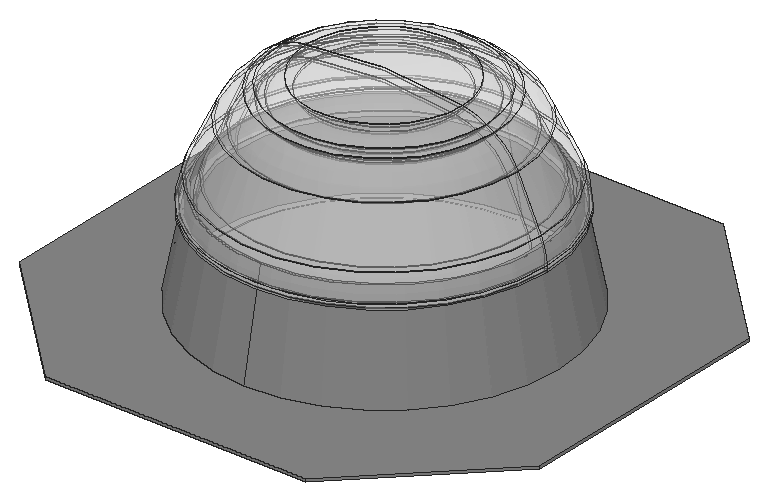
Revit family
Parameters (values of type "ByType")
  Wire Suspension Kit [instance] = yes
  Water Penetration = "No water penetration at 16.5 psf (ASTM E 331)"
  Warranty Duration (Years) = 10
  Visible Light Transmission = 92
  UL Fire Rating = "Class B"
  U Factor = 0.43
  Type Comments = "Type as Specified"
  Test Data [instance] = "http://cpd.nfrc.org/pubsearch/psLineDetails.asp?CPD=STU-K-2_10641"
  Structural Test Pressure = "Positive pressure of 110 psf and Negative pressure of 60 psf (ASTM E 330)"
  Specification [instance] = "http://www.arcat.com/sd/clients/solatube.html?coid=35591"
  SpecWizard [instance] = "http://www.arcat.com/specwizard/08625slt/index.htm?mf=&coid=35591"
  Send Message = "http://admin.arcat.com/users.pl?action=UserEmail&company=Solatube%20International%20Inc.&coid=35591&rep=147&fax=760-597-4488%20&mf="
  Sales Information [instance] = "http://www.solatube.com/commercial/brightenup.php"
  SHGC = 0.33
  Rough Width = 0' - 0"
  Rough Height = 0' - 0"
  Product Properties [instance] = "http://www.arcat.com/bim/bim_info.pl?fn=TDD_Solatube"
  Product Data [instance] = "http://www.arcat.com/clickthru.pl?coid=35591&prodid=2973&loc=www.solatube.com/residential/brightenup.php"
  Photometric Data [instance] = "http://www.solatube.com/downloads/lumens.pdf"
  Outer Dome = Dome_Acrylic
  Model = "As Specified in 08 62 00"
  Manufacturer Website = "http://www.solatube.com"
  Manufacturer Phone - Toll Free = "888-765-2882"
  Manufacturer Phone = "760-597-4400"
  Manufacturer Fax = "760-597-4488"
  Manufacturer Address = "2210 Oak Ridge Way Vista CA  92081"
  Manufacturer = "Solatube International Inc."
  Maintenance Schedule (Months) = 0
  MSDS [instance] = "http://www.solatube.com/commercial/technical_resources.php"
  Is Hurricane Zone (HVHZ) Compliant = no
  Inner Dome = None
  Incandescent Light System [instance] = yes
  Flashing Type = FF Flashing : FF4 - 290
  Flashing Material = Flashing_Steel - ASTM A653 - Black
  Extension Tubes [instance] = 0
  EDCS Area_in2 = 160
  Keynote = "08 62 00"
  Installation-Fabrication [instance] = "http://www.solatube.com/downloads/2007/install/160DS_290DS.pdf"
  Installation Phase = "{Roof}{Retrofit}"
  Green Building-LEED [instance] = "http://www.arcat.com/green/leed_info.php?coid=35591&prodid=2973&mf="
  R.O. Diameter = 1' - 2 1/2"
  Flashing Thickness = 0' - 0 1/16"
  Expected Lifespan (Years) = 0
  ENERGYSTAR Qualified = if(and(U Factor < 0.601, SHGC < 1), "N, N/C, S/C, S", if(and(U Factor < 0.601, SHGC < 0.401), "N/C and S/C", if(and(U Factor < 0.751, SHGC < 0.401), "S", "Non-Compliant")))  # "N, N/C, S/C, S"
  Drawn By = "Robert S. Weygant. CSI, CDT, SCIP"
  Throat Height = 0' - 4"
  Dome = 290 Dome : DI
  Description = "Solatube Tubular Taylighting Device (TDD) as Specified in 08 62 00"
  Daylight Dimmer Kit [instance] = yes
  Copyright = "2008, ARCAT, Inc."
  Construction Type = "{New}{Retrofit}"
  Construction Details [instance] = "http://www.arcat.com/details/solatube/prod0437.html"
  Compact Flourescent Light System [instance] = yes
  Building Codes [instance] = "http://www.solatube.com/commercial/technical_resources.php"
  Mounting Height [instance] = 0' - 0"
  Assembly Code = "B3020110"
  Air Infiltration = "0.3 cfm/ft2 at 1.57 psf (ASTM E 283)"
  0-90 Angle Extension Tubes [instance] = 0
Reference planes (in)
  plane 1 "Center (Front/Back)": y = 0
  plane 2 "Roof": z = 159.05758
  plane 3 "Center (Left/Right)": x = 0
  plane 4 "Ceiling": z = 0
  plane 5 "Base": z = 165.05758
  plane 6 "Roof Face": z = 165.05758
  plane 7 "LensCurb": z = 169.05758
Lines and regions (in)
  Opening 1
    outline origin (-0.22623, 0, 165.05758) x (0, 1, 0) y (-1, 0, 0)
      loop
        circle (0, -0.22623) r 7.25
  sketch lines
    curve 1: line (-60.22623, 60, 0) -> (59.77377, 60, 0)
    curve 2: line (-60.22623, 60, 0) -> (-60.22623, -60, 0)
    curve 3: line (-60.22623, -60, 0) -> (59.77377, -60, 0)
    curve 4: line (59.77377, 60, 0) -> (59.77377, -60, 0)
Dimensions and locks (in)
  curve 2 to plane 3 "Center (Left/Right)" to curve 4 = 5' - 0.22623", 4' - 11.77377"
  equal spacing: curve 3, plane 1 "Center (Front/Back)", curve 1
  locked: plane 5 "Base" to plane 6 "Roof Face"
  "Throat Height": plane 7 "LensCurb" to plane 5 "Base"
  "R.O. Diameter": Opening 1 sketch curve to Opening 1 sketch curve
  aligned and locked: plane 2 "Roof" to level
  aligned and locked: level to host roof
  aligned and locked: plane 6 "Roof Face" to host roof
  aligned and locked: nested 1 to plane 3 "Center (Left/Right)"
  aligned and locked: plane 1 "Center (Front/Back)" to nested 2
  aligned and locked: plane 3 "Center (Left/Right)" to nested 2
  aligned and locked: plane 7 "LensCurb" to nested 2
  aligned and locked: plane 3 "Center (Left/Right)" to Opening 1 sketch curve
  aligned and locked: plane 1 "Center (Front/Back)" to Opening 1 sketch curve
Nested families (in)
  nested 1: "FF Flashing" at (3.11178, -2, 164.93258) x (-1, 0, 0) z (0, 0, 1), Flashing Material <- "Flashing Material", type <- "Flashing Type", type "FF4 - 290"
    with Flashing Material Flashing_Steel - ASTM A653 - Black
  nested 2: "290 Dome" at (2.86731, 0, 169.05758), type <- "Dome", type "DI"
Definition of nested family "FF Flashing"
  Parameters (values of type "FF4 - 160")
    ang = Flashing Size / 4  # 0' - 5 1/2"
    Toprad = 0' - 5 1/2"
    Thk = 0' - 0 1/8"
    Opening = 0' - 5"
    Inttoprad = Toprad - Thk  # 0' - 5 3/8"
    IntBaserad = Baserad - Thk  # 0' - 6 3/8"
    Flashing Size = 1' - 10"
    Flashing Material [instance] = Poche
    Default Elevation = 4' - 0"
    Baserad = Toprad + 0' 1"  # 0' - 6 1/2"
    Baseht = 0' - 5"
    Assembly Code = ""
  Types (8): name | ang | Toprad | Opening | Inttoprad | IntBaserad | Flashing Size | Baserad | Baseht
    FF6 - 160 | 0' - 5 1/2" | 0' - 5 1/2" | 0' - 5" | 0' - 5 3/8" | 0' - 6 3/8" | 1' - 10" | 0' - 6 1/2" | 0' - 7"
    FF6 - 290 | 0' - 6 5/16" | 0' - 7 1/2" | 0' - 8" | 0' - 7 3/8" | 0' - 8 3/8" | 2' - 1 1/4" | 0' - 8 1/2" | 0' - 7"
    FFT6 - 290 | 0' - 6 5/16" | 0' - 7 1/2" | 0' - 8" | 0' - 7 3/8" | 0' - 8 3/8" | 2' - 1 1/4" | 0' - 8 1/2" | 0' - 7"
    FFT4 - 290 | 0' - 6 5/16" | 0' - 7 1/2" | 0' - 8" | 0' - 7 3/8" | 0' - 8 3/8" | 2' - 1 1/4" | 0' - 8 1/2" | 0' - 5"
    FF4 - 290 | 0' - 6 5/16" | 0' - 7 1/2" | 0' - 8" | 0' - 7 3/8" | 0' - 8 3/8" | 2' - 1 1/4" | 0' - 8 1/2" | 0' - 5"
    FFT6 - 160 | 0' - 5 1/2" | 0' - 5 1/2" | 0' - 5" | 0' - 5 3/8" | 0' - 6 3/8" | 1' - 10" | 0' - 6 1/2" | 0' - 7"
    FF4 - 160 | 0' - 5 1/2" | 0' - 5 1/2" | 0' - 5" | 0' - 5 3/8" | 0' - 6 3/8" | 1' - 10" | 0' - 6 1/2" | 0' - 5"
    FFT4 - 160 | 0' - 5 1/2" | 0' - 5 1/2" | 0' - 5" | 0' - 5 3/8" | 0' - 6 3/8" | 1' - 10" | 0' - 6 1/2" | 0' - 5"
  Reference planes (in)
    plane 1 "Center (Front/Back)": y = -2
    plane 2: z = 0
    plane 3 "Center (Left/Right)": x = 3.11178
    plane 4: y = 9
    plane 5: y = -13
    plane 6: x = 14.11178
    plane 7: x = -7.88822
    plane 8: z = 5
  Forms (in)
    Extrusion 1, solid, material "Poche" <- "Flashing Material"
      sketch origin (0, 0, 0) x (1, 0, 0) y (0, 1, 0)
        loop
          line (-2.38822, 9) -> (-7.88822, 3.5) -> (-7.88822, -7.5) -> (-2.38822, -13) -> (8.61178, -13) -> (14.11178, -7.5) -> (14.11178, 3.5) -> (8.61178, 9) -> (-2.38822, 9)
        loop
          circle (3.11178, -2) r 5
      from 0 to 0.125
    Blend 2, solid, material "Poche" <- "Flashing Material"
      base sketch origin (0, 0, 6.00666) x (0, -1, 0) y (1, 0, 0)
        loop
          circle (2, 3.11178) r 6.5
      top sketch origin (0, 0, 6.00666) x (0, -1, 0) y (1, 0, 0)
        loop
          circle (2, 3.11178) r 5.5
      from -6.00666 to -1.00666
    Blend 3, void
      base sketch origin (0, 0.04658, 6.47375) x (0, -1, 0) y (1, 0, 0)
        loop
          circle (2, 3.11178) r 6.375
      top sketch origin (0, 0.04658, 6.47375) x (0, -1, 0) y (1, 0, 0)
        loop
          circle (2, 3.11178) r 5.375
      from -6.34875 to -1.47375
  Cuts and joins
    Blend 3 cuts Blend 2
  Dimensions and locks (in)
    "Thk": Extrusion 1 to Extrusion 1
    Blend 2 to Blend 2 = 0' - 5"
    "Flashing Size": plane 7 to plane 6
    "Flashing Size": plane 4 to plane 5
    equal spacing: plane 7, plane 3 "Center (Left/Right)", plane 6
    equal spacing: plane 4, plane 1 "Center (Front/Back)", plane 5
    "ang": plane 7 to Extrusion 1 sketch curve  (x2)
    "ang": Extrusion 1 sketch curve to plane 6  (x2)
    "ang": plane 4 to Extrusion 1 sketch curve  (x2)
    "ang": Extrusion 1 sketch curve to plane 5  (x2)
    "Baseht": plane 8 to plane 2
    "Baserad": radius of Blend 2 sketch curve
    "Toprad": radius of Blend 2 sketch curve
    "IntBaserad": radius of Blend 3 sketch curve
    "Inttoprad": radius of Blend 3 sketch curve
    "Opening": radius of Extrusion 1 sketch curve
    aligned and locked: plane 3 "Center (Left/Right)" to Blend 3
    aligned and locked: cut or joined group of Blend 2, Blend 3 to cut or joined group of Blend 2, Blend 3
    aligned and locked: plane 4 to Extrusion 1 sketch curve
    aligned and locked: Extrusion 1 sketch curve to plane 7
    aligned and locked: plane 6 to Extrusion 1 sketch curve
    aligned and locked: Extrusion 1 sketch curve to plane 5
    aligned and locked: Extrusion 1 to plane 2
    aligned and locked: cut or joined group of Blend 2, Blend 3 to plane 2
    aligned and locked: plane 8 to cut or joined group of Blend 2, Blend 3
  Automatic sketch dimensions
    Extrusion 1 sketch curve to plane 1 "Center (Front/Back)" = 0' - 0"
    Extrusion 1 sketch curve to plane 3 "Center (Left/Right)" = 0' - 0"
    Blend 2 sketch curve to plane 1 "Center (Front/Back)" = 0' - 0"  (x2)
    Blend 2 sketch curve to plane 3 "Center (Left/Right)" = 0' - 0"  (x2)
    Blend 3 sketch curve to plane 3 "Center (Left/Right)" = 0' - 0"  (x2)
    Blend 3 sketch curve to plane 1 "Center (Front/Back)" = 0' - 0.04658"  (x2)
Definition of nested family "290 Dome"
  Parameters (values of type "DI")
    con1 = Rad / 2  # 0' - 3"
    Rad = 0' - 6"
    R2 = 0' - 7 15/16"
    Lens = Dome_Acrylic
    LN = 0' - 6"
    Inner Dome = yes
    Default Elevation = 4' - 0"
    Assembly Code = ""
  Types (2): name | Inner Dome
    DA | no
    DI | yes
  Reference planes (in)
    plane 1 "Center (Front/Back)": y = 0
    plane 2 "Bottom": z = 0
    plane 3 "Center (Left/Right)": x = -2.86731
    plane 4: z = 6
    plane 5: x = -10.80481
    plane 6: z = 6
    plane 7: x = -10.80481
  Forms (in)
    Revolve 1, solid, material "Dome_Acrylic" <- "Lens"
      sketch origin (0, 0, 0) x (1, 0, 0) y (0, 0, 1)
        loop
          line (-2.86731, 6.10677) -> (-6.66035, 5.77492)
          arc (-6.66035, 5.77492) -> (-7.27431, 5.6528) -> (-7.84728, 5.40069) r 2.875
          line (-7.84728, 5.40069) -> (-8.24231, 5.17261)
          arc (-8.24231, 5.17261) -> (-8.92448, 4.62511) -> (-9.41045, 3.89782) r 2.875
          line (-9.41045, 3.89782) -> (-10.53545, 1.48525)
          arc (-10.53545, 1.48525) -> (-10.73666, 0.89248) -> (-10.80481, 0.27022) r 2.875
          line (-10.80481, 0.27022) -> (-10.80481, 0) -> (-10.67981, 0) -> (-10.67981, 0.27022)
          arc (-10.67981, 0.27022) -> (-10.61463, 0.86543) -> (-10.42216, 1.43242) r 2.75
          line (-10.42216, 1.43242) -> (-9.29716, 3.84499)
          arc (-9.29716, 3.84499) -> (-8.83232, 4.54066) -> (-8.17981, 5.06436) r 2.75
          line (-8.17981, 5.06436) -> (-7.78478, 5.29243)
          arc (-7.78478, 5.29243) -> (-7.23672, 5.53358) -> (-6.64946, 5.6504) r 2.75
          line (-6.64946, 5.6504) -> (-2.86731, 5.98129) -> (-2.86731, 6.10677)
        axis (-2.86731, 6.10677) -> (-2.86731, 0)
      angle from 0 to 360
    Revolve 2, solid, material "Dome_Acrylic" <- "Lens", visible <- "Inner Dome"
      sketch origin (0, 0, 0) x (1, 0, 0) y (0, 0, 1)
        loop
          line (-2.86731, 5.57784) -> (-6.33182, 5.27473)
          arc (-6.33182, 5.27473) -> (-6.8926, 5.16319) -> (-7.41594, 4.93291) r 2.62598
          line (-7.41594, 4.93291) -> (-7.77676, 4.72459)
          arc (-7.77676, 4.72459) -> (-8.39985, 4.22451) -> (-8.84372, 3.56021) r 2.62598
          line (-8.84372, 3.56021) -> (-9.87128, 1.3566)
          arc (-9.87128, 1.3566) -> (-10.06772, 0.75477) -> (-10.11441, 0.12341) r 2.62598
          line (-10.11441, 0.12341) -> (-10.80481, 0.12341) -> (-10.80481, 0) -> (-10.00314, 0) -> (-10.00314, 0.24681)
          arc (-10.00314, 0.24681) -> (-9.9436, 0.79047) -> (-9.7678, 1.30835) r 2.51181
          line (-9.7678, 1.30835) -> (-8.74024, 3.51196)
          arc (-8.74024, 3.51196) -> (-8.31567, 4.14738) -> (-7.71967, 4.62572) r 2.51181
          line (-7.71967, 4.62572) -> (-7.35886, 4.83403)
          arc (-7.35886, 4.83403) -> (-6.85827, 5.0543) -> (-6.32187, 5.16099) r 2.51181
          line (-6.32187, 5.16099) -> (-2.86731, 5.46323) -> (-2.86731, 5.57784)
        axis (-2.86731, 5.57784) -> (-2.86731, 0)
      angle from 0 to 360
  Dimensions and locks (in)
    aligned and locked: level to plane 2 "Bottom"
